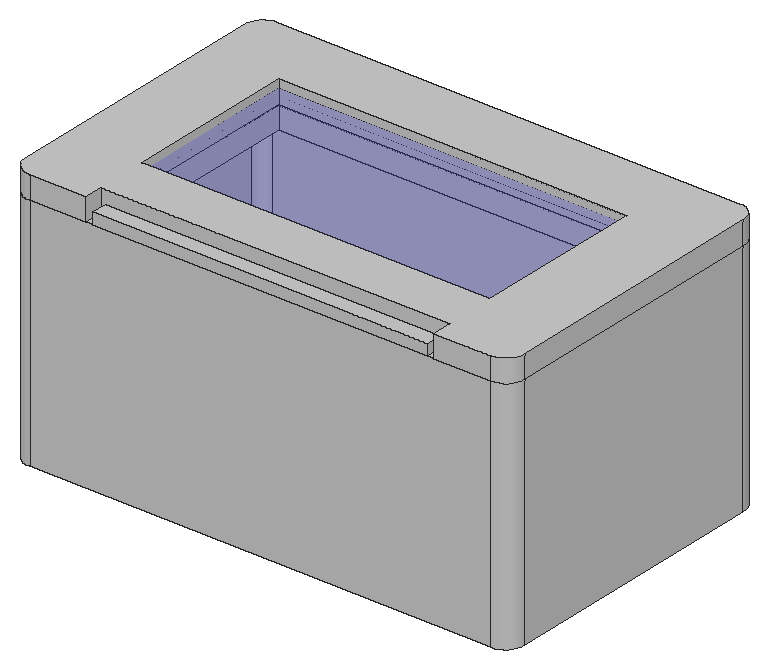
Revit family "Domotics-DomesticRanges-GEWISS-CHORUS_CONTAINER-IP55", category Apparecchi elettrici, host Superficie, Revit 2016
Family settings
  Host = Superficie
  Mantenere orientamento annotazione = No
  Tipo di parte = Normale
  Quota connettore circolare = Usa diametro
  Taglio con vuoti quando caricato = Sì
  Condiviso = Sì
  Punto di calcolo locali = Sì
Parameters (values of type "GW16514 - Container 4P IP55 Grey")
  Version file RFA = "18.0"
  URL = "https://www.gewiss.com/ww/en"
  Type of knockout holes = "Removable with tool"
  Torque screws tightening = "0,8NM"
  Thermo-pressure with ball = "70 °C"
  Technical sheet = "https://www.gewiss.com/ww/en/search?q=GW16514"
  Standard; = "EN 60670-1"
  Standard = "EN 60670-1"
  Shock resistance = "IK07"
  SEO = "Container"
  Realized by GEWISS S.p.A. = ""
  Default Elevation = 1219.2 mm
  Profondità = 69 mm
  Produttore = "GEWISS S.p.A."
  Outer dim. LxHxD (mm) = "132x82x69"
  No. knockout holes Ã˜23 = "8 on sides / 1 on the bottom"
  N. holes Ã˜ 23 with cable gland = ""
  Modello = "GW16514"
  Material = "Technopolymer"
  Lunghezza_foro = 92 mm
  Lunghezza = 132 mm
  Lid screws = "Stainless steel"
  Larghezza_foro = 45 mm  # constant formula
  Larghezza = 82 mm  # constant formula
  Insulation class = "II"
  Installation temperature = "-25 +60 °C"
  Immagine tipo = GW16514.jpg
  IP degree = "IP55"
  IDT = "51ddd165-3687-4531-97cd-f1fafc8d94fc"
  IDF = "a49ad211-3fac-4d00-a23d-62a1c8fe50c9"
  Glow wire test: = "650 °C"
  Glow Wire Test = "650 °C"
  Electrocod = "0212"
  EAN code = "8011564279322"
  Descrizione = "WATERTIGHT CONTAINERS, 4-GANG IP55 GREY"
  Description: = "4 gang"
  Colour = "Grey RAL 7035"
  Catalogue Range = "CHORUS - BOXES"
  Catalogue = "DOMOTICS"
  COBie.Tagnumber = ""
  COBie.CreatedOn = ""
  COBie.CreatebBy = ""
  COBie.ComponentRegisterItemID = ""
  COBie.Component.TagNumber = ""
  COBie.Component.Space = ""
  COBie.Component.SerialNumber = ""
  COBie.Component.InstallationDate = ""
  COBie.Component.Description = ""
  COBie.Component.BarCode = ""
Types (4, lengths in mm): name | URL | Technical sheet | Produttore | Outer dim. LxHxD (mm) | No. knockout holes Ã˜23 | N. holes Ã˜ 23 with cable gland | Modello | Lunghezza_foro | Lunghezza | Immagine tipo | IDT | EAN code | Descrizione | Description:
  (no name) | 0 | "" | "GEWISS" | "" | "" | "" | "GW16512" | 46 | 66 | GW16512.jpg | "" | "" | "CONTENITORI STAGNI 2P IP55 GRIGIO" | ""
  GW16512 - Container 2P IP55 Grey | "https://www.gewiss.com/ww/en" | "https://www.gewiss.com/ww/en/search?q=GW16512" | "GEWISS S.p.A." | "66x82x69" | "3 on sides / 1 on the bottom" | "1" | "GW16512" | 46 | 66 | GW16512.jpg | "4a985856-af95-41e7-8809-30ccb2fb098a" | "8011564278066" | "WATERTIGHT CONTAINERS, 2-GANG IP55 GREY" | "2 gang"
  GW16513 - Container 3P IP55 Grey | "https://www.gewiss.com/ww/en" | "https://www.gewiss.com/ww/en/search?q=GW16513" | "GEWISS S.p.A." | "99x82x69" | "3 on sides / 1 on the bottom" | "1" | "GW16513" | 69 | 99 | GW16513.jpg | "eb71fd76-c904-427b-8461-f26fd41f25ed" | "8011564278073" | "WATERTIGHT CONTAINERS, 3-GANG IP55 GREY" | "3 gang"
  GW16514 - Container 4P IP55 Grey | "https://www.gewiss.com/ww/en" | "https://www.gewiss.com/ww/en/search?q=GW16514" | "GEWISS S.p.A." | "132x82x69" | "8 on sides / 1 on the bottom" | "" | "GW16514" | 92 | 132 | GW16514.jpg | "51ddd165-3687-4531-97cd-f1fafc8d94fc" | "8011564279322" | "WATERTIGHT CONTAINERS, 4-GANG IP55 GREY" | "4 gang"
Values of the unnamed type that differ from the named types
  Version file RFA = ""
  Type of knockout holes = ""
  Torque screws tightening = ""
  Thermo-pressure with ball = ""
  Standard; = ""
  Standard = ""
  Shock resistance = ""
  SEO = ""
  Material = ""
  Lid screws = ""
  Insulation class = ""
  Installation temperature = ""
  IP degree = ""
  IDF = ""
  Glow wire test: = ""
  Glow Wire Test = ""
  Electrocod = ""
  Colour = ""
  Catalogue Range = ""
  Catalogue = ""
Reference planes
  plane 1 "Centro (Fronte/Retro)": y = 0
  plane 2: z = 0
  plane 3 "Centro (Sinistra/Destra)": x = 0
  plane 4: x = -66
  plane 5: x = 66
  plane 6: y = 41
  plane 7: y = -41
  plane 8: x = -64
  plane 9: y = 39
  plane 10: x = 64
  plane 11: y = -39
  plane 12 "PLI": z = 63
  plane 13: z = 57
  plane 14: x = -46
  plane 15: x = 46
  plane 16: y = 22.5
  plane 17: y = -22.5
  plane 18: z = 66
  plane 19: x = -44.203
  plane 20: x = 44.203
  plane 21: y = -36
  plane 22: z = 67
  plane 23: z = 65
  plane 24 "a": z = 69
Forms (mm)
  Extrusion 1, solid, material "GW - Grigio"
    sketch origin (0, 0, 0) x (1, 0, 0) y (0, 1, 0)
      loop
        arc (-61, 41) -> (-64.536, 39.536) -> (-66, 36) r 5
        line (-66, 36) -> (-66, -36)
        arc (-66, -36) -> (-64.536, -39.536) -> (-61, -41) r 5
        line (-61, -41) -> (61, -41)
        arc (61, -41) -> (64.536, -39.536) -> (66, -36) r 5
        line (66, -36) -> (66, 36)
        arc (66, 36) -> (64.536, 39.536) -> (61, 41) r 5
        line (61, 41) -> (-61, 41)
      loop
        line (-64, 36) -> (-64, -36)
        arc (-64, -36) -> (-63.121, -38.121) -> (-61, -39) r 3
        line (-61, -39) -> (61, -39)
        arc (61, -39) -> (63.121, -38.121) -> (64, -36) r 3
        line (64, -36) -> (64, 36)
        arc (64, 36) -> (63.121, 38.121) -> (61, 39) r 3
        line (61, 39) -> (-61, 39)
        arc (-61, 39) -> (-63.121, 38.121) -> (-64, 36) r 3
    from 0 to 63
  Extrusion 2, solid, material "GW - Grigio"
    sketch origin (0, 0, 0) x (1, 0, 0) y (0, 1, 0)
      loop
        line (-46, 22.5) -> (-46, -22.5) -> (46, -22.5) -> (46, 22.5) -> (-46, 22.5)
      loop
        arc (-64, -36) -> (-63.121, -38.121) -> (-61, -39) r 3
        line (-61, -39) -> (61, -39)
        arc (61, -39) -> (63.121, -38.121) -> (64, -36) r 3
        line (64, -36) -> (64, 36)
        arc (64, 36) -> (63.121, 38.121) -> (61, 39) r 3
        line (61, 39) -> (-61, 39)
        arc (-61, 39) -> (-63.121, 38.121) -> (-64, 36) r 3
        line (-64, 36) -> (-64, -36)
    from 57 to 63
  Extrusion 3, solid, material "GW - Grigio"
    sketch origin (0, 0, 0) x (1, 0, 0) y (0, 1, 0)
      loop
        line (-44.203, -41) -> (44.203, -41) -> (44.203, -36.807) -> (-44.203, -36.807) -> (-44.203, -41)
    from 63 to 66
  Extrusion 4, solid, material "GW - Grigio"
    sketch origin (0, 0, 0) x (1, 0, 0) y (0, 1, 0)
      loop
        line (-66, 36) -> (-66, -36)
        arc (-66, -36) -> (-64.536, -39.536) -> (-61, -41) r 5
        line (-61, -41) -> (-46, -41) -> (-46, -36) -> (46, -36) -> (46, -41) -> (61, -41)
        arc (61, -41) -> (64.536, -39.536) -> (66, -36) r 5
        line (66, -36) -> (66, 36)
        arc (66, 36) -> (64.536, 39.536) -> (61, 41) r 5
        line (61, 41) -> (-61, 41)
        arc (-61, 41) -> (-64.536, 39.536) -> (-66, 36) r 5
      loop
        line (-46, 22.5) -> (-46, -22.5) -> (46, -22.5) -> (46, 22.5) -> (-46, 22.5)
    from 63 to 69
  Extrusion 5, solid, material "Vetro"
    sketch origin (0, 0, 0) x (1, 0, 0) y (0, 1, 0)
      loop
        line (-46, 22.5) -> (-46, -22.5) -> (46, -22.5) -> (46, 22.5) -> (-46, 22.5)
    from 65 to 67
Lines and regions (mm)
  model lines
    curve 1: line (-4.861, -29.599, 69) -> (-4.198, -29.599, 69)
    curve 2: line (-4.198, -29.599, 69) -> (-4.198, -27.942, 69)
    curve 3: line (-4.198, -27.942, 69) -> (-4.861, -27.942, 69)
    curve 4: line (-4.861, -27.942, 69) -> (-4.861, -28.936, 69)
    curve 5: line (-4.861, -28.936, 69) -> (-4.861, -27.942, 69)
    curve 6: line (-4.861, -27.942, 69) -> (-4.198, -27.942, 69)
    curve 7: line (-4.198, -27.942, 69) -> (-4.198, -27.279, 69)
    curve 8: line (-4.198, -27.279, 69) -> (-4.861, -27.279, 69)
    curve 9: line (-4.861, -27.279, 69) -> (-5.192, -27.279, 69)
    curve 10: line (-5.192, -27.279, 69) -> (-5.463, -27.387, 69)
    curve 11: line (-5.463, -27.387, 69) -> (-5.704, -27.611, 69)
    curve 12: line (-5.704, -27.611, 69) -> (-5.855, -27.942, 69)
    curve 13: line (-5.855, -27.942, 69) -> (-5.855, -28.273, 69)
    curve 14: line (-5.855, -28.273, 69) -> (-5.855, -28.605, 69)
    curve 15: line (-5.855, -28.605, 69) -> (-5.855, -28.936, 69)
    curve 16: line (-5.855, -29.049, 69) -> (-5.587, -29.457, 69)
    curve 17: line (-5.587, -29.457, 69) -> (-5.192, -29.599, 69)
    curve 18: line (-5.192, -29.599, 69) -> (-4.861, -29.599, 69)
    curve 19: line (-3.866, -27.279, 69) -> (-2.872, -27.279, 69)
    curve 20: line (-2.872, -27.279, 69) -> (-2.872, -27.942, 69)
    curve 21: line (-2.872, -27.942, 69) -> (-3.204, -27.942, 69)
    curve 22: line (-3.204, -27.942, 69) -> (-1.878, -27.942, 69)
    curve 23: line (-1.878, -27.942, 69) -> (-1.878, -28.605, 69)
    curve 24: line (-1.878, -28.605, 69) -> (-3.204, -28.605, 69)
    curve 25: line (-3.204, -28.605, 69) -> (-3.204, -28.936, 69)
    curve 26: line (-3.204, -28.936, 69) -> (-1.878, -28.936, 69)
    curve 27: line (-1.878, -28.936, 69) -> (-1.878, -29.599, 69)
    curve 28: line (-1.878, -29.599, 69) -> (-3.866, -29.599, 69)
    curve 29: line (-3.866, -29.599, 69) -> (-3.866, -27.279, 69)
    curve 30: line (0.11, -29.599, 69) -> (0.442, -29.599, 69)
    curve 31: line (0.442, -29.599, 69) -> (1.125, -27.942, 69)
    curve 32: line (1.125, -27.942, 69) -> (1.787, -27.942, 69)
    curve 33: line (1.787, -27.942, 69) -> (1.787, -27.279, 69)
    curve 34: line (1.787, -27.279, 69) -> (0.442, -27.279, 69)
    curve 35: line (0.442, -27.279, 69) -> (0.11, -28.273, 69)
    curve 36: line (0.11, -28.273, 69) -> (-0.221, -27.279, 69)
    curve 37: line (-0.221, -27.279, 69) -> (-0.692, -27.279, 69)
    curve 38: line (-0.692, -27.279, 69) -> (-1.091, -28.544, 69)
    curve 39: line (-1.091, -28.544, 69) -> (-1.287, -27.279, 69)
    curve 40: line (-1.287, -27.279, 69) -> (-2.541, -27.279, 69)
    curve 41: line (-2.541, -27.279, 69) -> (-2.541, -27.942, 69)
    curve 42: line (-2.541, -27.942, 69) -> (-1.878, -27.942, 69)
    curve 43: line (-1.878, -27.942, 69) -> (-1.547, -29.599, 69)
    curve 44: line (-1.547, -29.599, 69) -> (-0.884, -29.599, 69)
    curve 45: line (-0.884, -29.599, 69) -> (-0.365, -28.273, 69)
    curve 46: line (-0.365, -28.273, 69) -> (-0.221, -29.599, 69)
    curve 47: line (-0.221, -29.599, 69) -> (0.11, -29.599, 69)
    curve 48: line (1.125, -27.942, 69) -> (1.787, -27.942, 69)
    curve 49: line (1.787, -27.942, 69) -> (1.787, -29.599, 69)
    curve 50: line (1.787, -29.599, 69) -> (1.125, -29.599, 69)
    curve 51: line (1.125, -29.599, 69) -> (1.125, -27.942, 69)
    curve 52: line (3.776, -29.599, 69) -> (2.119, -29.599, 69)
    curve 53: line (2.119, -29.599, 69) -> (2.119, -28.936, 69)
    curve 54: line (2.119, -28.936, 69) -> (3.113, -28.936, 69)
    curve 55: line (3.113, -28.936, 69) -> (3.113, -28.605, 69)
    curve 56: line (3.113, -28.605, 69) -> (2.119, -28.605, 69)
    curve 57: line (2.119, -28.605, 69) -> (2.119, -27.279, 69)
    curve 58: line (2.119, -27.279, 69) -> (3.776, -27.279, 69)
    curve 59: line (3.776, -27.279, 69) -> (3.776, -27.942, 69)
    curve 60: line (3.776, -27.942, 69) -> (2.782, -27.942, 69)
    curve 61: line (2.782, -27.942, 69) -> (3.776, -27.942, 69)
    curve 62: line (3.776, -27.942, 69) -> (3.776, -29.599, 69)
    curve 63: line (5.101, -29.599, 69) -> (4.77, -29.599, 69)
    curve 64: line (4.77, -29.599, 69) -> (4.107, -29.599, 69)
    curve 65: line (4.107, -29.599, 69) -> (4.107, -28.936, 69)
    curve 66: line (4.107, -28.936, 69) -> (5.101, -28.936, 69)
    curve 67: line (5.101, -28.936, 69) -> (5.101, -28.605, 69)
    curve 68: line (5.101, -28.605, 69) -> (4.107, -28.605, 69)
    curve 69: line (4.107, -28.605, 69) -> (4.107, -27.279, 69)
    curve 70: line (4.107, -27.279, 69) -> (4.77, -27.279, 69)
    curve 71: line (4.77, -27.279, 69) -> (5.101, -27.279, 69)
    curve 72: line (5.101, -27.279, 69) -> (5.433, -27.279, 69)
    curve 73: line (5.433, -27.279, 69) -> (5.764, -27.611, 69)
    curve 74: line (5.764, -27.611, 69) -> (5.764, -27.942, 69)
    curve 75: line (5.764, -27.942, 69) -> (4.77, -27.942, 69)
    curve 76: line (4.77, -27.942, 69) -> (5.839, -27.942, 69)
    curve 77: line (5.839, -27.942, 69) -> (5.839, -28.273, 69)
    curve 78: line (5.839, -28.273, 69) -> (5.839, -28.605, 69)
    curve 79: line (5.839, -28.605, 69) -> (5.764, -28.992, 69)
    curve 80: line (5.764, -28.992, 69) -> (5.604, -29.22, 69)
    curve 81: line (5.604, -29.22, 69) -> (5.433, -29.404, 69)
    curve 82: line (5.433, -29.404, 69) -> (5.101, -29.599, 69)
  model lines, style "InvisibleLines"
    curve 83: line (-46, 0, 63) -> (46, 0, 63)
Dimensions and locks
  equal spacing: plane 6, plane 1 "Centro (Fronte/Retro)", plane 7
  "Larghezza": plane 6 to plane 7
  equal spacing: plane 4, plane 3 "Centro (Sinistra/Destra)", plane 5
  "Lunghezza": plane 4 to plane 5
  locked: plane 9 to plane 6 at 2
  locked: plane 4 to plane 8 at 2
  locked: plane 10 to plane 5 at 2
  locked: plane 7 to plane 11 at 2
  locked: plane 12 "PLI" to plane 13 at 6
  equal spacing: plane 14, plane 3 "Centro (Sinistra/Destra)", plane 15
  "Lunghezza_foro": plane 14 to plane 15
  equal spacing: plane 16, plane 1 "Centro (Fronte/Retro)", plane 17
  "Larghezza_foro": plane 16 to plane 17
  locked: plane 18 to plane 12 "PLI" at 3
  locked: plane 14 to plane 19 at 1.797
  locked: plane 20 to plane 15 at 1.797
  plane 21 to plane 7 = 5 mm
  locked: plane 22 to plane 18 at 1
  locked: plane 18 to plane 23 at 1
  locked: plane 24 "a" to plane 12 "PLI" at 6
  "Profondità": plane 24 "a" to host face
  aligned and locked: plane 2 to host face
  aligned and locked: level to host face
  aligned and locked: Extrusion 1 sketch curve to plane 6
  aligned and locked: Extrusion 1 sketch curve to plane 4
  aligned and locked: Extrusion 1 sketch curve to plane 7
  aligned and locked: Extrusion 1 sketch curve to plane 5
  aligned and locked: plane 9 to Extrusion 1
  aligned and locked: Extrusion 1 to plane 8
  aligned and locked: Extrusion 1 to plane 11
  aligned and locked: plane 10 to Extrusion 1
  aligned and locked: Extrusion 1 to host face
  aligned and locked: plane 12 "PLI" to Extrusion 1
  aligned and locked: Extrusion 2 sketch curve to plane 14
  aligned and locked: Extrusion 2 sketch curve to plane 16
  aligned and locked: Extrusion 2 sketch curve to plane 17
  aligned and locked: Extrusion 2 sketch curve to plane 15
  aligned and locked: Extrusion 2 to plane 13
  aligned and locked: plane 12 "PLI" to Extrusion 2
  aligned and locked: Extrusion 3 to Extrusion 1
  aligned and locked: Extrusion 3 to plane 18
  aligned and locked: Extrusion 3 to plane 19
  aligned and locked: plane 20 to Extrusion 3
  aligned and locked: plane 19 to Extrusion 3 sketch curve
  aligned and locked: plane 20 to Extrusion 3 sketch curve
  aligned and locked: Extrusion 4 sketch curve to plane 4
  aligned and locked: Extrusion 4 sketch curve to plane 7  (x2)
  aligned and locked: Extrusion 4 sketch curve to plane 14  (x2)
  aligned and locked: Extrusion 4 sketch curve to plane 15  (x2)
  aligned and locked: Extrusion 4 sketch curve to plane 5
  aligned and locked: Extrusion 4 sketch curve to plane 6
  aligned and locked: Extrusion 4 sketch curve to plane 21
  aligned and locked: Extrusion 4 sketch curve to plane 16
  aligned and locked: Extrusion 4 sketch curve to plane 17
  aligned and locked: Extrusion 4 to Extrusion 1
  aligned and locked: Extrusion 5 sketch curve to plane 16
  aligned and locked: Extrusion 5 sketch curve to plane 14
  aligned and locked: Extrusion 5 sketch curve to plane 15
  aligned and locked: Extrusion 5 sketch curve to plane 17
  aligned and locked: plane 23 to Extrusion 5
  aligned and locked: Extrusion 5 to plane 22
  aligned and locked: plane 24 "a" to Extrusion 4
  aligned and locked: Extrusion 4 to plane 24 "a"  (x2)
  aligned and locked: Extrusion 3 to plane 7
  aligned and locked: Extrusion 2 to curve 83  (x2)
Automatic sketch dimensions
  host sketch curve to host sketch curve = 2438.4 mm  (x2)
  plane 7 to Extrusion 1 sketch curve = 5 mm
  Extrusion 1 sketch curve to Extrusion 1 sketch curve = 0 mm  (x10)
  Extrusion 1 sketch curve to plane 5 = 2 mm
  Extrusion 2 sketch curve to plane 9 = 0 mm
  Extrusion 2 sketch curve to plane 11 = 0 mm
  Extrusion 2 sketch curve to plane 8 = 0 mm
  Extrusion 2 sketch curve to plane 10 = 0 mm
  Extrusion 2 sketch curve to Extrusion 2 sketch curve = 3 mm  (x2)
  plane 10 to Extrusion 2 sketch curve = 3 mm
  Extrusion 2 sketch curve to plane 11 = 3 mm
  Extrusion 3 sketch curve to plane 11 = 2.193 mm
  Extrusion 4 sketch curve to plane 21 = 0 mm  (x2)
  Extrusion 4 sketch curve to plane 8 = 3 mm
  plane 9 to Extrusion 4 sketch curve = 3 mm
  curve 40 to plane 17 = 4.779 mm
  curve 14 to plane 3 "Centro (Sinistra/Destra)" = 5.855 mm
  curve 39 to plane 3 "Centro (Sinistra/Destra)" = 1.287 mm
  curve 38 to plane 3 "Centro (Sinistra/Destra)" = 0.692 mm
  curve 39 to curve 38 = 0 mm
  curve 36 to plane 3 "Centro (Sinistra/Destra)" = 0.221 mm
  plane 3 "Centro (Sinistra/Destra)" to curve 35 = 0.442 mm
  curve 36 to curve 35 = 0 mm
  curve 29 to curve 40 = 0 mm
  curve 33 to curve 57 = 0 mm
  curve 7 to curve 29 = 0 mm
  curve 58 to curve 69 = 0 mm
  curve 9 to curve 11 = 0.108 mm
  curve 72 to curve 74 = 0.331 mm  (x2)
  curve 11 to curve 11 = 0.223 mm
  curve 19 to curve 21 = 0.663 mm
  curve 22 to curve 21 = 0 mm
  curve 11 to curve 12 = 0.331 mm
  curve 58 to curve 62 = 0.663 mm
  curve 73 to curve 75 = 0.331 mm
  curve 7 to curve 7 = 0.663 mm
  curve 33 to curve 51 = 0.663 mm
  curve 76 to curve 75 = 0 mm
  curve 76 to curve 78 = 0.331 mm
  curve 36 to curve 46 = 0.994 mm
  curve 45 to plane 3 "Centro (Sinistra/Destra)" = 0.365 mm
  plane 3 "Centro (Sinistra/Destra)" to curve 36 = 0.11 mm
  curve 45 to curve 36 = 0 mm
  curve 12 to curve 13 = 0.331 mm
  curve 38 to plane 3 "Centro (Sinistra/Destra)" = 1.091 mm
  curve 46 to curve 38 = 0.27 mm
  curve 77 to curve 79 = 0.331 mm
  curve 13 to curve 14 = 0.331 mm
  curve 22 to curve 23 = 0.663 mm
  curve 59 to curve 69 = 0.663 mm
  curve 32 to curve 57 = 0.663 mm
  curve 56 to curve 54 = 0.331 mm
  curve 68 to curve 66 = 0.331 mm
  curve 15 to curve 15 = 0.331 mm
  curve 4 to curve 5 = 0 mm
  curve 23 to curve 27 = 0.331 mm
  curve 78 to curve 80 = 0.387 mm
  curve 15 to curve 16 = 0.113 mm
  curve 79 to curve 81 = 0.227 mm
  curve 81 to curve 81 = 0.184 mm
  curve 16 to curve 16 = 0.408 mm
  curve 82 to curve 64 = 0.195 mm
  curve 53 to curve 50 = 0.663 mm
  curve 62 to curve 64 = 0 mm
  curve 30 to curve 50 = 0 mm
  plane 3 "Centro (Sinistra/Destra)" to curve 31 = 0.442 mm
  curve 4 to curve 18 = 0.663 mm
  curve 46 to plane 3 "Centro (Sinistra/Destra)" = 0.221 mm
  curve 45 to plane 3 "Centro (Sinistra/Destra)" = 0.884 mm
  curve 45 to curve 46 = 0 mm
  curve 25 to curve 29 = 0.663 mm
  curve 2 to curve 29 = 0 mm
  curve 43 to plane 3 "Centro (Sinistra/Destra)" = 1.547 mm
  curve 16 to curve 15 = 0 mm
  curve 12 to curve 11 = 0.151 mm
  curve 16 to curve 17 = 0.267 mm
  curve 12 to curve 11 = 0.24 mm
  curve 16 to curve 18 = 0.395 mm
  curve 10 to curve 10 = 0.271 mm
  curve 9 to curve 9 = 0.331 mm
  curve 3 to curve 8 = 0 mm
  curve 17 to curve 18 = 0.331 mm
  curve 8 to curve 7 = 0.663 mm
  curve 1 to curve 29 = 0.331 mm
  curve 28 to curve 24 = 0.663 mm
  curve 22 to curve 24 = 0 mm
  curve 21 to curve 22 = 0 mm
  curve 21 to curve 19 = 0.331 mm
  curve 20 to curve 42 = 0.331 mm
  curve 28 to curve 43 = 0.331 mm
  curve 23 to curve 26 = 0 mm
  plane 3 "Centro (Sinistra/Destra)" to curve 30 = 0.11 mm
  curve 30 to curve 51 = 0.683 mm
  curve 32 to curve 33 = 0.663 mm
  curve 49 to curve 52 = 0.331 mm
  curve 56 to curve 53 = 0 mm
  curve 56 to curve 61 = 0.663 mm
  curve 60 to curve 61 = 0 mm
  curve 53 to curve 55 = 0.994 mm
  curve 55 to curve 59 = 0.663 mm
  curve 59 to curve 69 = 0.331 mm
  curve 52 to curve 64 = 0.331 mm
  curve 69 to curve 70 = 0.663 mm
  curve 64 to curve 64 = 0.663 mm
  curve 76 to curve 70 = 0 mm
  curve 75 to curve 76 = 0 mm
  curve 76 to curve 68 = 0.331 mm
  curve 70 to curve 71 = 0.331 mm
  curve 63 to curve 82 = 0.331 mm  (x2)
  curve 71 to curve 72 = 0.331 mm
  curve 81 to curve 81 = 0.171 mm
  curve 80 to curve 80 = 0.16 mm
  curve 79 to curve 78 = 0.075 mm
  Extrusion 3 sketch curve to plane 7 = 0 mm
  plane 1 "Centro (Fronte/Retro)" to curve 83 = 0 mm
